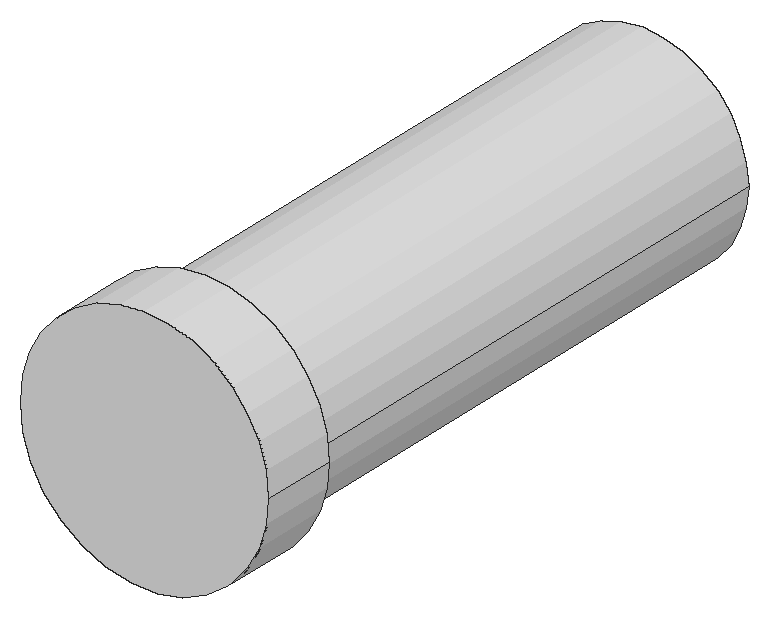
Revit family "PROOX Bag- and clothes holder EN", category Furniture, Revit 2014
Parameters (values of type "ONE pure")
  URL = "http://www.proox.com/"
  Type Comments = "ONE pure"
  Product webpage [instance] = "http://www.proox.com/EN/bag-%20and%20clothes-hook-stainless-steel/"
  Product data sheet = "http://www.proox.com/fileadmin/dam/Download/Produktdatenbl%C3%A4tter/english/Productspecification_PU-568.pdf"
  Model = "PU-568"
  Material = PROOX Stainless steel, satin finish
  Manufacturer = "PROOX Ltd."  # constant formula
  Keynote = ""
  EAN-No. = "9120050350724"
  Description = "bag- and clothes hook PROOX ONE pure made from stainless steel"
  Cost = 23
  BIM objects producer = "www.BIMtelligent.eu"  # constant formula
  Specifications = "Bag- and clothes hook made from stainless steel. For wall mounting. Surface with fine brushed structure. The screw has a male threaded portion that mates with a threaded hole in the rear of the hook for a concealed mounting system. Can be glued with Loctite for secure fixing, if required."
Types (3, lengths in mm): name | Type Comments | Product webpage | Product data sheet | Model | Material | EAN-No. | Description | Cost | Specifications
  (no name) | "ONE pure" | "http://www.proox.com/EN/bag-%20and%20clothes-hook-stainless-steel/" | "http://www.proox.com/fileadmin/dam/Download/Produktdatenbl%C3%A4tter/english/Productspecification_PU-568.pdf" | "PU-568" | PROOX Stainless steel, satin finish | "9120050350724" | "bag- and clothes hook PROOX ONE pure made from stainless steel" | 23 | "Bag- and clothes hook made from stainless steel. For wall mounting. Surface with fine brushed structure. The screw has a male threaded portion that mates with a threaded hole in the rear of the hook for a concealed mounting system. Can be glued with Loctite for secure fixing, if required."
  ONE pure | "ONE pure" | "http://www.proox.com/EN/bag-%20and%20clothes-hook-stainless-steel/" | "http://www.proox.com/fileadmin/dam/Download/Produktdatenbl%C3%A4tter/english/Productspecification_PU-568.pdf" | "PU-568" | PROOX Stainless steel, satin finish | "9120050350724" | "bag- and clothes hook PROOX ONE pure made from stainless steel" | 23 | "Bag- and clothes hook made from stainless steel. For wall mounting. Surface with fine brushed structure. The screw has a male threaded portion that mates with a threaded hole in the rear of the hook for a concealed mounting system. Can be glued with Loctite for secure fixing, if required."
  ONE dark passion | "ONE dark passion" | "http://www.proox.com/EN/coat-hooks-black/" | "http://www.proox.com/fileadmin/dam/Download/Produktdatenbl%C3%A4tter/english/Productspecification_DP-568.pdf" | "DP-568" | PROOX Aluminum, black anodised | "9120050350984" | "bag- and clothes hook PROOX ONE dark passion made from aluminum black anodized" | 25 | "Bag- and clothes hook made out from glass pearl blasted and black anodised aluminum. Intended for wall mounting. The screw has a male threaded portion that mates with a threaded hole in the rear of the hook for a concealed mounting system. Can be glued with Loctite for secure fixing, if required."
Reference planes
  plane 1 "Center (Front/Back)": y = 0
  plane 2: z = 0
  plane 3 "Center (Left/Right)": x = 0
Forms (mm)
  Extrusion 1, solid, material "PROOX Stainless steel, satin finish" <- "Material", detail levels coarse
    sketch origin (0, 0, 0) x (1, 0, 0) y (0, 0, 1)
      loop
        circle (0, 0) r 10
    from 0 to 50
  Extrusion 2, solid, material "PROOX Stainless steel, satin finish" <- "Material", detail levels medium+fine
    sketch origin (0, 0, 0) x (1, 0, 0) y (0, 0, 1)
      loop
        circle (0, 0) r 10
    from 44 to 50
  Extrusion 3, solid, material "PROOX Stainless steel, satin finish" <- "Material", detail levels medium+fine
    sketch origin (0, 0, 0) x (1, 0, 0) y (0, 0, 1)
      loop
        circle (0, 0) r 8.5
    from 0 to 44
Lines and regions (mm)
  reference lines
    curve 1: circle (0, 0, 0) r 10 normal (0, -1, 0)
Dimensions and locks
  aligned and locked: level to plane 2
  aligned and locked: Extrusion 1 sketch curve to curve 1
  aligned and locked: Extrusion 2 sketch curve to curve 1
